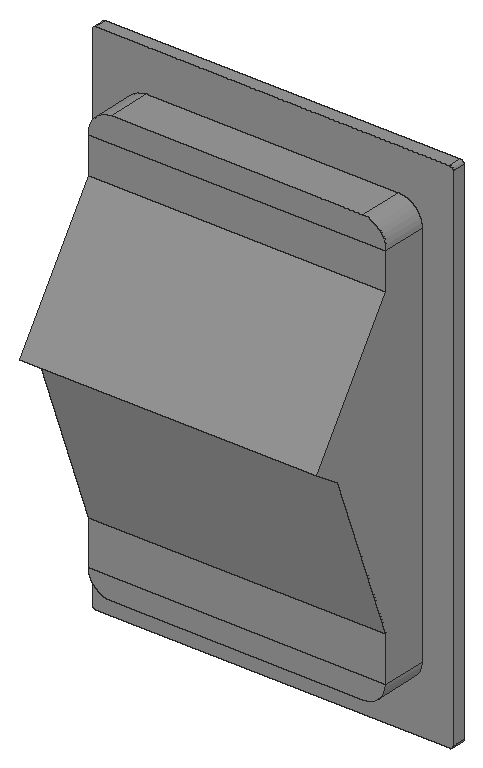
Revit family "L&L_LUCE&LIGHT_PASITO_MINI_1.1", category Lighting Fixtures, host Wall, Revit 2018 (continued)
Types (2, lengths in mm): name | built-in parameter 1150142 | Photometric Web File
    0.00 0.00 0.00 0.00 0.00 0.00 0.00 \r\n0.00 0.00 0.00 0.00 0.00 0.00 0.00 0.00 0.00 0.00 0.00 \r\n0.00 0.00 0.00 0.00 0.00 0.00 0.00 0.00 0.00 0.00 0.00 \r\n0.00 0.00 0.00 0.00 0.00 0.00 0.00 0.00 0.00 0.00 0.00 \r\n0.00 0.00 0.00 0.00 0.02 \r\n0.01 0.00 0.00 0.00 0.00 0.00 0.00 0.00 0.00 0.00 0.00 \r\n0.00 0.00 0.00 0.00 0.00 0.00 0.00 0.00 0.00 0.00 0.00 \r\n0.00 0.00 0.00 0.00 0.00 0.00 0.00 0.00 0.00 0.00 0.00 \r\n0.00 0.00 0.00 0.00 0.00 0.00 0.00 0.00 0.00 0.00 0.00 \r\n0.00 0.00 0.00 0.00 0.00 0.00 0.00 0.00 0.00 0.00 0.00 \r\n0.00 0.00 0.00 0.00 0.00 0.00 0.00 0.00 0.00 0.00 0.00 \r\n0.00 0.00 0.00 0.00 0.00 0.00 0.00 0.00 0.00 0.00 0.00 \r\n0.00 0.00 0.00 0.00 0.00 0.00 0.00 0.00 0.00 0.00 0.00 \r\n0.00 0.00 0.00 0.00 0.00 0.00 0.00 0.00 0.00 0.00 0.00 \r\n0.00 0.00 0.00 0.00 0.00 0.00 0.00 0.00 0.00 0.00 0.00 \r\n0.00 0.00 0.00 0.00 0.00 0.00 0.00 0.00 0.00 0.00 0.00 \r\n0.00 0.00 0.00 0.00 0.00 0.00 0.00 0.00 0.00 0.00 0.00 \r\n0.00 0.00 0.00 0.00 0.00 0.00 0.00 0.00 0.00 0.00 0.00 \r\n0.00 0.00 0.00 0.00 0.00 0.00 0.00 0.00 0.00 0.00 0.00 \r\n0.00 0.00 0.00 0.00 0.00 0.00 0.00 0.00 0.00 0.00 0.00 \r\n0.00 0.00 0.00 0.00 0.00 0.00 0.00 0.00 0.00 0.00 0.00 \r\n0.00 0.00 0.00 0.00 0.02 \r\n0.01 0.00 0.00 0.00 0.00 0.00 0.00 0.00 0.00 0.00 0.00 \r\n0.00 0.00 0.00 0.00 0.00 0.00 0.00 0.00 0.00 0.00 0.00 \r\n0.00 0.00 0.00 0.00 0.00 0.00 0.00 0.00 0.00 0.00 0.00 \r\n0.00 0.00 0.00 0.00 0.00 0.00 0.00 0.00 0.00 0.00 0.00 \r\n0.00 0.00 0.00 0.00 0.00 0.00 0.00 0.00 0.00 0.00 0.00 \r\n0.00 0.00 0.00 0.00 0.00 0.00 0.00 0.00 0.00 0.00 0.00 \r\n0.00 0.00 0.00 0.00 0.00 0.00 0.00 0.00 0.00 0.00 0.00 \r\n0.00 0.00 0.00 0.00 0.00 0.00 0.00 0.00 0.00 0.00 0.00 \r\n0.00 0.00 0.00 0.00 0.00 0.00 0.00 0.00 0.00 0.00 0.00 \r\n0.00 0.00 0.00 0.00 0.00 0.00 0.00 0.00 0.00 0.00 0.00 \r\n0.00 0.00 0.00 0.00 0.00 0.00 0.00 0.00 0.00 0.00 0.00 \r\n0.00 0.00 0.00 0.00 0.00 0.00 0.00 0.00 0.00 0.00 0.00 \r\n0.00 0.00 0.00 0.00 0.00 0.00 0.00 0.00 0.00 0.00 0.00 \r\n0.00 0.00 0.00 0.00 0.00 0.00 0.00 0.00 0.00 0.00 0.00 \r\n0.00 0.00 0.00 0.00 0.00 0.00 0.00 0.00 0.00 0.00 0.00 \r\n0.00 0.00 0.00 0.00 0.00 0.00 0.00 0.00 0.00 0.00 0.00 \r\n0.00 0.00 0.00 0.00 0.02 \r\n0.01 0.00 0.00 0.00 0.00 0.00 0.00 0.00 0.00 0.00 0.00 \r\n0.00 0.00 0.00 0.00 0.00 0.00 0.00 0.00 0.00 0.00 0.00 \r\n0.00 0.00 0.00 0.00 0.00 0.00 0.00 0.00 0.00 0.00 0.00 \r\n0.00 0.00 0.00 0.00 0.00 0.00 0.00 0.00 0.00 0.00 0.00 \r\n0.00 0.00 0.00 0.00 0.00 0.00 0.00 0.00 0.00 0.00 0.00 \r\n0.00 0.00 0.00 0.00 0.00 0.00 0.00 0.00 0.00 0.00 0.00 \r\n0.00 0.00 0.00 0.00 0.00 0.00 0.00 0.00 0.00 0.00 0.00 \r\n0.00 0.00 0.00 0.00 0.00 0.00 0.00 0.00 0.00 0.00 0.00 \r\n0.00 0.00 0.00 0.00 0.00 0.00 0.00 0.00 0.00 0.00 0.00 \r\n0.00 0.00 0.00 0.00 0.00 0.00 0.00 0.00 0.00 0.00 0.00 \r\n0.00 0.00 0.00 0.00 0.00 0.00 0.00 0.00 0.00 0.00 0.00 \r\n0.00 0.00 0.00 0.00 0.00 0.00 0.00 0.00 0.00 0.00 0.00 \r\n0.00 0.00 0.00 0.00 0.00 0.00 0.00 0.00 0.00 0.00 0.00 \r\n0.00 0.00 0.00 0.00 0.00 0.00 0.00 0.00 0.00 0.00 0.00 \r\n0.00 0.00 0.00 0.00 0.00 0.00 0.00 0.00 0.00 0.00 0.00 \r\n0.00 0.00 0.00 0.00 0.00 0.00 0.00 0.00 0.00 0.00 0.00 \r\n0.00 0.00 0.00 0.00 0.02 \r\n0.01 0.00 0.00 0.00 0.00 0.00 0.00 0.00 0.00 0.00 0.00 \r\n0.00 0.00 0.00 0.00 0.00 0.00 0.00 0.00 0.00 0.00 0.00 \r\n0.00 0.00 0.00 0.00 0.00 0.00 0.00 0.00 0.00 0.00 0.00 \r\n0.00 0.00 0.00 0.00 0.00 0.00 0.00 0.00 0.00 0.00 0.00 \r\n0.00 0.00 0.00 0.00 0.00 0.00 0.00 0.00 0.00 0.00 0.00 \r\n0.00 0.00 0.00 0.00 0.00 0.00 0.00 0.00 0.00 0.00 0.00 \r\n0.00 0.00 0.00 0.00 0.00 0.00 0.00 0.00 0.00 0.00 0.00 \r\n0.00 0.00 0.00 0.00 0.00 0.00 0.00 0.00 0.00 0.00 0.00 \r\n0.00 0.00 0.00 0.00 0.00 0.00 0.00 0.00 0.00 0.00 0.00 \r\n0.00 0.00 0.00 0.00 0.00 0.00 0.00 0.00 0.00 0.00 0.00 \r\n0.00 0.00 0.00 0.00 0.00 0.00 0.00 0.00 0.00 0.00 0.00 \r\n0.00 0.00 0.00 0.00 0.00 0.00 0.00 0.00 0.00 0.00 0.00 \r\n0.00 0.00 0.00 0.00 0.00 0.00 0.00 0.00 0.00 0.00 0.00 \r\n0.00 0.00 0.00 0.00 0.00 0.00 0.00 0.00 0.00 0.00 0.00 \r\n0.00 0.00 0.00 0.00 0.00 0.00 0.00 0.00 0.00 0.00 0.00 \r\n0.00 0.00 0.00 0.00 0.00 0.00 0.00 0.00 0.00 0.00 0.00 \r\n0.00 0.00 0.00 0.00 0.02 \r\n0.01 0.00 0.00 0.00 0.00 0.00 0.00 0.00 0.00 0.00 0.00 \r\n0.00 0.00 0.00 0.00 0.00 0.00 0.00 0.00 0.00 0.00 0.00 \r\n0.00 0.00 0.00 0.00 0.00 0.00 0.00 0.00 0.00 0.00 0.00 \r\n0.00 0.00 0.00 0.00 0.00 0.00 0.00 0.00 0.00 0.00 0.00 \r\n0.00 0.00 0.00 0.00 0.00 0.00 0.00 0.00 0.00 0.00 0.00 \r\n0.00 0.00 0.00 0.00 0.00 0.00 0.00 0.00 0.00 0.00 0.00 \r\n0.00 0.00 0.00 0.00 0.00 0.00 0.00 0.00 0.00 0.00 0.00 \r\n0.00 0.00 0.00 0.00 0.00 0.00 0.00 0.00 0.00 0.00 0.00 \r\n0.00 0.00 0.00 0.00 0.00 0.00 0.00 0.00 0.00 0.00 0.00 \r\n0.00 0.00 0.00 0.00 0.00 0.00 0.00 0.00 0.00 0.00 0.00 \r\n0.00 0.00 0.00 0.00 0.00 0.00 0.00 0.00 0.00 0.00 0.00 \r\n0.00 0.00 0.00 0.00 0.00 0.00 0.00 0.00 0.00 0.00 0.00 \r\n0.00 0.00 0.00 0.00 0.00 0.00 0.00 0.00 0.00 0.00 0.00 \r\n0.00 0.00 0.00 0.00 0.00 0.00 0.00 0.00 0.00 0.00 0.00 \r\n0.00 0.00 0.00 0.00 0.00 0.00 0.00 0.00 0.00 0.00 0.00 \r\n0.00 0.00 0.00 0.00 0.00 0.00 0.00 0.00 0.00 0.00 0.00 \r\n0.00 0.00 0.00 0.00 0.02 \r\n0.01 0.00 0.00 0.00 0.00 0.00 0.00 0.00 0.00 0.00 0.00 \r\n0.00 0.00 0.00 0.00 0.00 0.00 0.00 0.00 0.00 0.00 0.00 \r\n0.00 0.00 0.00 0.00 0.00 0.00 0.00 0.00 0.00 0.00 0.00 \r\n0.00 0.00 0.00 0.00 0.00 0.00 0.00 0.00 0.00 0.00 0.00 \r\n0.00 0.00 0.00 0.00 0.00 0.00 0.00 0.00 0.00 0.00 0.00 \r\n0.00 0.00 0.00 0.00 0.00 0.00 0.00 0.00 0.00 0.00 0.00 \r\n0.00 0.00 0.00 0.00 0.00 0.00 0.00 0.00 0.00 0.00 0.00 \r\n0.00 0.00 0.00 0.00 0.00 0.00 0.00 0.00 0.00 0.00 0.00 \r\n0.00 0.00 0.00 0.00 0.00 0.00 0.00 0.00 0.00 0.00 0.00 \r\n0.00 0.00 0.00 0.00 0.00 0.00 0.00 0.00 0.00 0.00 0.00 \r\n0.00 0.00 0.00 0.00 0.00 0.00 0.00 0.00 0.00 0.00 0.00 \r\n0.00 0.00 0.00 0.00 0.00 0.00 0.00 0.00 0.00 0.00 0.00 \r\n0.00 0.00 0.00 0.00 0.00 0.00 0.00 0.00 0.00 0.00 0.00 \r\n0.00 0.00 0.00 0.00 0.00 0.00 0.00 0.00 0.00 0.00 0.00 \r\n0.00 0.00 0.00 0.00 0.00 0.00 0.00 0.00 0.00 0.00 0.00 \r\n0.00 0.00 0.00 0.00 0.00 0.00 0.00 0.00 0.00 0.00 0.00 \r\n0.00 0.00 0.00 0.00 0.02 \r\n0.01 0.00 0.00 0.00 0.00 0.00 0.00 0.00 0.00 0.00 0.00 \r\n0.00 0.00 0.00 0.00 0.00 0.00 0.00 0.00 0.00 0.00 0.00 \r\n0.00 0.00 0.00 0.00 0.00 0.00 0.00 0.00 0.00 0.00 0.00 \r\n0.00 0.00 0.00 0.00 0.00 0.00 0.00 0.00 0.00 0.00 0.00 \r\n0.00 0.00 0.00 0.00 0.00 0.00 0.00 0.00 0.00 0.00 0.00 \r\n0.00 0.00 0.00 0.00 0.00 0.00 0.00 0.00 0.00 0.00 0.00 \r\n0.00 0.00 0.00 0.00 0.00 0.00 0.00 0.00 0.00 0.00 0.00 \r\n0.00 0.00 0.00 0.00 0.00 0.00 0.00 0.00 0.00 0.00 0.00 \r\n0.00 0.00 0.00 0.00 0.00 0.00 0.00 0.00 0.00 0.00 0.00 \r\n0.00 0.00 0.00 0.00 0.00 0.00 0.00 0.00 0.00 0.00 0.00 \r\n0.00 0.00 0.00 0.00 0.00 0.00 0.00 0.00 0.00 0.00 0.00 \r\n0.00 0.00 0.00 0.00 0.00 0.00 0.00 0.00 0.00 0.00 0.00 \r\n0.00 0.00 0.00 0.00 0.00 0.00 0.00 0.00 0.00 0.00 0.00 \r\n0.00 0.00 0.00 0.00 0.00 0.00 0.00 0.00 0.00 0.00 0.00 \r\n0.00 0.00 0.00 0.00 0.00 0.00 0.00 0.00 0.00 0.00 0.00 \r\n0.00 0.00 0.00 0.00 0.00 0.00 0.00 0.00 0.00 0.00 0.00 \r\n0.00 0.00 0.00 0.00 0.02 \r\n0.01 0.00 0.00 0.00 0.00 0.00 0.00 0.00 0.00 0.00 0.00 \r\n0.00 0.00 0.00 0.00 0.00 0.00 0.00 0.00 0.00 0.00 0.00 \r\n0.00 0.00 0.00 0.00 0.00 0.00 0.00 0.00 0.00 0.00 0.00 \r\n0.00 0.00 0.00 0.00 0.00 0.00 0.00 0.00 0.00 0.00 0.00 \r\n0.00 0.00 0.00 0.00 0.00 0.00 0.00 0.00 0.00 0.00 0.00 \r\n0.00 0.00 0.00 0.00 0.00 0.00 0.00 0.00 0.00 0.00 0.00 \r\n0.00 0.00 0.00 0.00 0.00 0.00 0.00 0.00 0.00 0.00 0.00 \r\n0.00 0.00 0.00 0.00 0.00 0.00 0.00 0.00 0.00 0.00 0.00 \r\n0.00 0.00 0.00 0.00 0.00 0.00 0.00 0.00 0.00 0.00 0.00 \r\n0.00 0.00 0.00 0.00 0.00 0.00 0.00 0.00 0.00 0.00 0.00 \r\n0.00 0.00 0.00 0.00 0.00 0.00 0.00 0.00 0.00 0.00 0.00 \r\n0.00 0.00 0.00 0.00 0.00 0.00 0.00 0.00 0.00 0.00 0.00 \r\n0.00 0.00 0.00 0.00 0.00 0.00 0.00 0.00 0.00 0.00 0.00 \r\n0.00 0.00 0.00 0.00 0.00 0.00 0.00 0.00 0.00 0.00 0.00 \r\n0.00 0.00 0.00 0.00 0.00 0.00 0.00 0.00 0.00 0.00 0.00 \r\n0.00 0.00 0.00 0.00 0.00 0.00 0.00 0.00 0.00 0.00 0.00 \r\n0.00 0.00 0.00 0.00 0.02 \r\n0.01 0.00 0.00 0.00 0.00 0.00 0.00 0.00 0.00 0.00 0.00 \r\n0.00 0.00 0.00 0.00 0.00 0.00 0.00 0.00 0.00 0.00 0.00 \r\n0.00 0.00 0.00 0.00 0.00 0.00 0.00 0.00 0.00 0.00 0.00 \r\n0.00 0.00 0.00 0.00 0.00 0.00 0.00 0.00 0.00 0.00 0.00 \r\n0.00 0.00 0.00 0.00 0.00 0.00 0.00 0.00 0.00 0.00 0.00 \r\n0.00 0.00 0.00 0.00 0.00 0.00 0.00 0.00 0.00 0.00 0.00 \r\n0.00 0.00 0.00 0.00 0.00 0.00 0.00 0.00 0.00 0.00 0.00 \r\n0.00 0.00 0.00 0.00 0.00 0.00 0.00 0.00 0.00 0.00 0.00 \r\n0.00 0.00 0.00 0.00 0.00 0.00 0.00 0.00 0.00 0.00 0.00 \r\n0.00 0.00 0.00 0.00 0.00 0.00 0.00 0.00 0.00 0.00 0.00 \r\n0.00 0.00 0.00 0.00 0.00 0.00 0.00 0.00 0.00 0.00 0.00 \r\n0.00 0.00 0.00 0.00 0.00 0.00 0.00 0.00 0.00 0.00 0.00 \r\n0.00 0.00 0.00 0.00 0.00 0.00 0.00 0.00 0.00 0.00 0.00 \r\n0.00 0.00 0.00 0.00 0.00 0.00 0.00 0.00 0.00 0.00 0.00 \r\n0.00 0.00 0.00 0.00 0.00 0.00 0.00 0.00 0.00 0.00 0.00 \r\n0.00 0.00 0.00 0.00 0.00 0.00 0.00 0.00 0.00 0.00 0.00 \r\n0.00 0.00 0.00 0.00 0.02 \r\n0.01 0.00 0.00 0.00 0.00 0.00 0.00 0.00 0.00 0.00 0.00 \r\n0.00 0.00 0.00 0.00 0.00 0.00 0.00 0.00 0.00 0.00 0.00 \r\n0.00 0.00 0.00 0.00 0.00 0.00 0.00 0.00 0.00 0.00 0.00 \r\n0.00 0.00 0.00 0.00 0.00 0.00 0.00 0.00 0.00 0.00 0.00 \r\n0.00 0.00 0.00 0.00 0.00 0.00 0.00 0.00 0.00 0.00 0.00 \r\n0.00 0.00 0.00 0.00 0.00 0.00 0.00 0.00 0.00 0.00 0.00 \r\n0.00 0.00 0.00 0.00 0.00 0.00 0.00 0.00 0.00 0.00 0.00 \r\n0.00 0.00 0.00 0.00 0.00 0.00 0.00 0.00 0.00 0.00 0.00 \r\n0.00 0.00 0.00 0.00 0.00 0.00 0.00 0.00 0.00 0.00 0.00 \r\n0.00 0.00 0.00 0.00 0.00 0.00 0.00 0.00 0.00 0.00 0.00 \r\n0.00 0.00 0.00 0.00 0.00 0.00 0.00 0.00 0.00 0.00 0.00 \r\n0.00 0.00 0.00 0.00 0.00 0.00 0.00 0.00 0.00 0.00 0.00 \r\n0.00 0.00 0.00 0.00 0.00 0.00 0.00 0.00 0.00 0.00 0.00 \r\n0.00 0.00 0.00 0.00 0.00 0.00 0.00 0.00 0.00 0.00 0.00 \r\n0.00 0.00 0.00 0.00 0.00 0.00 0.00 0.00 0.00 0.00 0.00 \r\n0.00 0.00 0.00 0.00 0.00 0.00 0.00 0.00 0.00 0.00 0.00 \r\n0.00 0.00 0.00 0.00 0.02 \r\n0.01 0.00 0.00 0.00 0.00 0.00 0.00 0.00 0.00 0.00 0.00 \r\n0.00 0.00 0.00 0.00 0.00 0.00 0.00 0.00 0.00 0.00 0.00 \r\n0.00 0.00 0.00 0.00 0.00 0.00 0.00 0.00 0.00 0.00 0.00 \r\n0.00 0.00 0.00 0.00 0.00 0.00 0.00 0.00 0.00 0.00 0.00 \r\n0.00 0.00 0.00 0.00 0.00 0.00 0.00 0.00 0.00 0.00 0.00 \r\n0.00 0.00 0.00 0.00 0.00 0.00 0.00 0.00 0.00 0.00 0.00 \r\n0.00 0.00 0.00 0.00 0.00 0.00 0.00 0.00 0.00 0.00 0.00 \r\n0.00 0.00 0.00 0.00 0.00 0.00 0.00 0.00 0.00 0.00 0.00 \r\n0.00 0.00 0.00 0.00 0.00 0.00 0.00 0.00 0.00 0.00 0.00 \r\n0.00 0.00 0.00 0.00 0.00 0.00 0.00 0.00 0.00 0.00 0.00 \r\n0.00 0.00 0.00 0.00 0.00 0.00 0.00 0.00 0.00 0.00 0.00 \r\n0.00 0.00 0.00 0.00 0.00 0.00 0.00 0.00 0.00 0.00 0.00 \r\n0.00 0.00 0.00 0.00 0.00 0.00 0.00 0.00 0.00 0.00 0.00 \r\n0.00 0.00 0.00 0.00 0.00 0.00 0.00 0.00 0.00 0.00 0.00 \r\n0.00 0.00 0.00 0.00 0.00 0.00 0.00 0.00 0.00 0.00 0.00 \r\n0.00 0.00 0.00 0.00 0.00 0.00 0.00 0.00 0.00 0.00 0.00 \r\n0.00 0.00 0.00 0.00 0.02 \r\n0.01 0.01 0.00 0.00 0.00 0.00 0.00 0.00 0.00 0.00 0.00 \r\n0.00 0.00 0.00 0.00 0.00 0.00 0.00 0.00 0.00 0.00 0.00 \r\n0.00 0.00 0.00 0.00 0.00 0.00 0.00 0.00 0.00 0.00 0.00 \r\n0.00 0.00 0.00 0.00 0.00 0.00 0.00 0.00 0.00 0.00 0.00 \r\n0.00 0.00 0.00 0.00 0.00 0.00 0.00 0.00 0.00 0.00 0.00 \r\n0.00 0.00 0.00 0.00 0.00 0.00 0.00 0.00 0.00 0.00 0.00 \r\n0.00 0.00 0.00 0.00 0.00 0.00 0.00 0.00 0.00 0.00 0.00 \r\n0.00 0.00 0.00 0.00 0.00 0.00 0.00 0.00 0.00 0.00 0.00 \r\n0.00 0.00 0.00 0.00 0.00 0.00 0.00 0.00 0.00 0.00 0.00 \r\n0.00 0.00 0.00 0.00 0.00 0.00 0.00 0.00 0.00 0.00 0.00 \r\n0.00 0.00 0.00 0.00 0.00 0.00 0.00 0.00 0.00 0.00 0.00 \r\n0.00 0.00 0.00 0.00 0.00 0.00 0.00 0.00 0.00 0.00 0.00 \r\n0.00 0.00 0.00 0.00 0.00 0.00 0.00 0.00 0.00 0.00 0.00 \r\n0.00 0.00 0.00 0.00 0.00 0.00 0.00 0.00 0.00 0.00 0.00 \r\n0.00 0.00 0.00 0.00 0.00 0.00 0.00 0.00 0.00 0.00 0.00 \r\n0.00 0.00 0.00 0.00 0.00 0.00 0.00 0.00 0.00 0.00 0.00 \r\n0.00 0.00 0.00 0.00 0.02 \r\n0.01 0.01 0.00 0.00 0.00 0.00 0.00 0.00 0.00 0.00 0.00 \r\n0.00 0.00 0.00 0.00 0.00 0.00 0.00 0.00 0.00 0.00 0.00 \r\n0.00 0.00 0.00 0.00 0.00 0.00 0.00 0.00 0.00 0.00 0.00 \r\n0.00 0.00 0.00 0.00 0.00 0.00 0.00 0.00 0.00 0.00 0.00 \r\n0.00 0.00 0.00 0.00 0.00 0.00 0.00 0.00 0.00 0.00 0.00 \r\n0.00 0.00 0.00 0.00 0.00 0.00 0.00 0.00 0.00 0.00 0.00 \r\n0.00 0.00 0.00 0.00 0.00 0.00 0.00 0.00 0.00 0.00 0.00 \r\n0.00 0.00 0.00 0.00 0.00 0.00 0.00 0.00 0.00 0.00 0.00 \r\n0.00 0.00 0.00 0.00 0.00 0.00 0.00 0.00 0.00 0.00 0.00 \r\n0.00 0.00 0.00 0.00 0.00 0.00 0.00 0.00 0.00 0.00 0.00 \r\n0.00 0.00 0.00 0.00 0.00 0.00 0.00 0.00 0.00 0.00 0.00 \r\n0.00 0.00 0.00 0.00 0.00 0.00 0.00 0.00 0.00 0.00 0.00 \r\n0.00 0.00 0.00 0.00 0.00 0.00 0.00 0.00 0.00 0.00 0.00 \r\n0.00 0.00 0.00 0.00 0.00 0.00 0.00 0.00 0.00 0.00 0.00 \r\n0.00 0.00 0.00 0.00 0.00 0.00 0.00 0.00 0.00 0.00 0.00 \r\n0.00 0.00 0.00 0.00 0.00 0.00 0.00 0.00 0.00 0.00 0.00 \r\n0.00 0.00 0.00 0.00 0.02 \r\n0.01 0.01 0.00 0.00 0.00 0.00 0.00 0.00 0.00 0.00 0.00 \r\n0.00 0.00 0.00 0.00 0.00 0.00 0.00 0.00 0.00 0.00 0.00 \r\n0.00 0.00 0.00 0.00 0.00 0.00 0.00 0.00 0.00 0.00 0.00 \r\n0.00 0.00 0.00 0.00 0.00 0.00 0.00 0.00 0.00 0.00 0.00 \r\n0.00 0.00 0.00 0.00 0.00 0.00 0.00 0.00 0.00 0.00 0.00 \r\n0.00 0.00 0.00 0.00 0.00 0.00 0.00 0.00 0.00 0.00 0.00 \r\n0.00 0.00 0.00 0.00 0.00 0.00 0.00 0.00 0.00 0.00 0.00 \r\n0.00 0.00 0.00 0.00 0.00 0.00 0.00 0.00 0.00 0.00 0.00 \r\n0.00 0.00 0.00 0.00 0.00 0.00 0.00 0.00 0.00 0.00 0.00 \r\n0.00 0.00 0.00 0.00 0.00 0.00 0.00 0.00 0.00 0.00 0.00 \r\n0.00 0.00 0.00 0.00 0.00 0.00 0.00 0.00 0.00 0.00 0.00 \r\n0.00 0.00 0.00 0.00 0.00 0.00 0.00 0.00 0.00 0.00 0.00 \r\n0.00 0.00 0.00 0.00 0.00 0.00 0.00 0.00 0.00 0.00 0.00 \r\n0.00 0.00 0.00 0.00 0.00 0.00 0.00 0.00 0.00 0.00 0.00 \r\n0.00 0.00 0.00 0.00 0.00 0.00 0.00 0.00 0.00 0.00 0.00 \r\n0.00 0.00 0.00 0.00 0.00 0.00 0.00 0.00 0.00 0.00 0.00 \r\n0.00 0.00 0.00 0.01 0.02 \r\n0.01 0.01 0.00 0.00 0.00 0.00 0.00 0.00 0.00 0.00 0.00 \r\n0.00 0.00 0.00 0.00 0.00 0.00 0.00 0.00 0.00 0.00 0.00 \r\n0.00 0.00 0.00 0.00 0.00 0.00 0.00 0.00 0.00 0.00 0.00 \r\n0.00 0.00 0.00 0.00 0.00 0.00 0.00 0.00 0.00 0.00 0.00 \r\n0.00 0.00 0.00 0.00 0.00 0.00 0.00 0.00 0.00 0.00 0.00 \r\n0.00 0.00 0.00 0.00 0.00 0.00 0.00 0.00 0.00 0.00 0.00 \r\n0.00 0.00 0.00 0.00 0.00 0.00 0.00 0.00 0.00 0.00 0.00 \r\n0.00 0.00 0.00 0.00 0.00 0.00 0.00 0.00 0.00 0.00 0.00 \r\n0.00 0.00 0.00 0.00 0.00 0.00 0.00 0.00 0.00 0.00 0.00 \r\n0.00 0.00 0.00 0.00 0.00 0.00 0.00 0.00 0.00 0.00 0.00 \r\n0.00 0.00 0.00 0.00 0.00 0.00 0.00 0.00 0.00 0.00 0.00 \r\n0.00 0.00 0.00 0.00 0.00 0.00 0.00 0.00 0.00 0.00 0.00 \r\n0.00 0.00 0.00 0.00 0.00 0.00 0.00 0.00 0.00 0.00 0.00 \r\n0.00 0.00 0.00 0.00 0.00 0.00 0.00 0.00 0.00 0.00 0.00 \r\n0.00 0.00 0.00 0.00 0.00 0.00 0.00 0.00 0.00 0.00 0.00 \r\n0.00 0.00 0.00 0.00 0.00 0.00 0.00 0.00 0.00 0.00 0.00 \r\n0.00 0.00 0.00 0.01 0.02 \r\n0.01 0.01 0.00 0.00 0.00 0.00 0.00 0.00 0.00 0.00 0.00 \r\n0.00 0.00 0.00 0.00 0.00 0.00 0.00 0.00 0.00 0.00 0.00 \r\n0.00 0.00 0.00 0.00 0.00 0.00 0.00 0.00 0.00 0.00 0.00 \r\n0.00 0.00 0.00 0.00 0.00 0.00 0.00 0.00 0.00 0.00 0.00 \r\n0.00 0.00 0.00 0.00 0.00 0.00 0.00 0.00 0.00 0.00 0.00 \r\n0.00 0.00 0.00 0.00 0.00 0.00 0.00 0.00 0.00 0.00 0.00 \r\n0.00 0.00 0.00 0.00 0.00 0.00 0.00 0.00 0.00 0.00 0.00 \r\n0.00 0.00 0.00 0.00 0.00 0.00 0.00 0.00 0.00 0.00 0.00 \r\n0.00 0.00 0.00 0.00 0.00 0.00 0.00 0.00 0.00 0.00 0.00 \r\n0.00 0.00 0.00 0.00 0.00 0.00 0.00 0.00 0.00 0.00 0.00 \r\n0.00 0.00 0.00 0.00 0.00 0.00 0.00 0.00 0.00 0.00 0.00 \r\n0.00 0.00 0.00 0.00 0.00 0.00 0.00 0.00 0.00 0.00 0.00 \r\n0.00 0.00 0.00 0.00 0.00 0.00 0.00 0.00 0.00 0.00 0.00 \r\n0.00 0.00 0.00 0.00 0.00 0.00 0.00 0.00 0.00 0.00 0.00 \r\n0.00 0.00 0.00 0.00 0.00 0.00 0.00 0.00 0.00 0.00 0.00 \r\n0.00 0.00 0.00 0.00 0.00 0.00 0.00 0.00 0.00 0.00 0.00 \r\n0.00 0.00 0.00 0.01 0.02 \r\n0.01 0.01 0.00 0.00 0.00 0.00 0.00 0.00 0.00 0.00 0.00 \r\n0.00 0.00 0.00 0.00 0.00 0.00 0.00 0.00 0.00 0.00 0.00 \r\n0.00 0.00 0.00 0.00 0.00 0.00 0.00 0.00 0.00 0.00 0.00 \r\n0.00 0.00 0.00 0.00 0.00 0.00 0.00 0.00 0.00 0.00 0.00 \r\n0.00 0.00 0.00 0.00 0.00 0.00 0.00 0.00 0.00 0.00 0.00 \r\n0.00 0.00 0.00 0.00 0.00 0.00 0.00 0.00 0.00 0.00 0.00 \r\n0.00 0.00 0.00 0.00 0.00 0.00 0.00 0.00 0.00 0.00 0.00 \r\n0.00 0.00 0.00 0.00 0.00 0.00 0.00 0.00 0.00 0.00 0.00 \r\n0.00 0.00 0.00 0.00 0.00 0.00 0.00 0.00 0.00 0.00 0.00 \r\n0.00 0.00 0.00 0.00 0.00 0.00 0.00 0.00 0.00 0.00 0.00 \r\n0.00 0.00 0.00 0.00 0.00 0.00 0.00 0.00 0.00 0.00 0.00 \r\n0.00 0.00 0.00 0.00 0.00 0.00 0.00 0.00 0.00 0.00 0.00 \r\n0.00 0.00 0.00 0.00 0.00 0.00 0.00 0.00 0.00 0.00 0.00 \r\n
